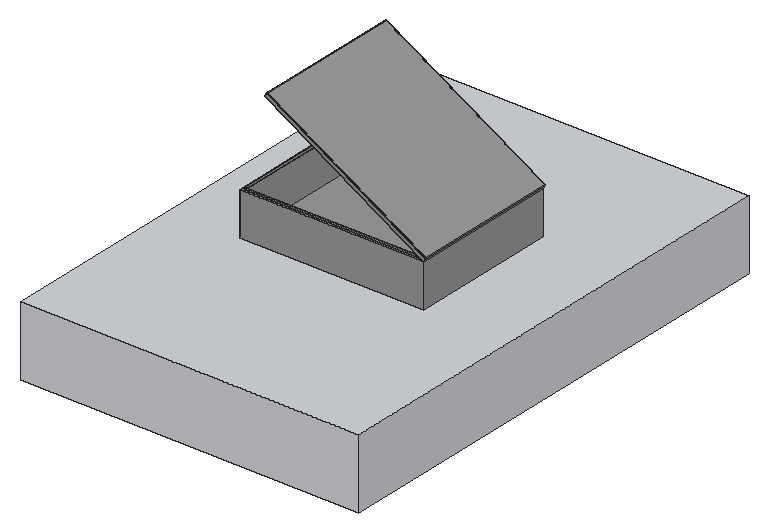
Revit family "Hager-Univers-IP44-D205-H650-Cl.II-Encl-DE-de", category Equipement électrique, Revit 2020
Family settings
  Hôte = Face
  Configuration du panneau = Deux colonnes, circuits au sein
  Cote de connecteur circulaire = Utiliser le diamètre
  Type d'élément = Tableau de raccordement
  Couper avec des vides une fois chargée = Non
  Partagée = Non
  Point de calcul de pièce = Non
Parameters (values of type "Aufputz IP44 B800 H650 T205  - FP43SN2")
  Width Control [instance] = if([EF000008 - Breite] > Min Width, [EF000008 - Breite], Min Width)  # 800 mm
  Commentaires du type = [HG000003 - Bereich]  # "Univers"
  Thickness Door [instance] = if([EF009171 - Materialstärke Tür/Deckel] > 3 mm, 3 mm, [EF009171 - Materialstärke Tür/Deckel])  # 1 mm
  Seal Frame Offset [instance] = 17 mm  # constant formula
  Plinth Visibility [instance] = [HG000027 - Sockelhöhe] > 0 mm  # no
  Model = ""
  Min Width [instance] = 100 mm  # constant formula
  Min Height [instance] = 100 mm  # constant formula
  Min Depth [instance] = (2 * [EF009170 - Materialstärke Gehäuse]) + 1 mm  # 3 mm
  Internal Frame Depth [instance] = (Door System Depth * 0.5)  # 9 mm
  Height Control [instance] = if([EF000040 - Höhe] > Min Height, [EF000040 - Höhe], Min Height)  # 650 mm
  HG000027 - Sockelhöhe = 0 mm
  HG000026 - Stehend auf dem Boden = no
  HG000024 - Höhe des unteren Teils = 800 mm
  HG000023 - Gehäuse mit doppeltem Querschnitt = no
  HG000016 - 3D-Türsichtbarkeit [instance] = yes
  HG000015 - Sichtbarkeit der Türöffnung [instance] = no
  HG000014 - Tür rechts [instance] = yes
  HG000013 - Tür links [instance] = not([HG000014 - Tür rechts])  # no
  HG000012 - Türschwenkwinkel [instance] = 30.00°
  HG000010 - Asymmetrische Türen = no
  HG000009 - Doppelflügeligen Tür = no
  HG000006 - Unterputz = no
  HG000004 - Herstellerreferenz = "FP43SN2"
  HG000003 - Bereich = "Univers"
  HG000002 - Mit tür = yes
  Frame Offset Bottom [instance] = 10 mm  # constant formula
  Frame Offset [instance] = 15 mm  # constant formula
  EF015940 - Deckel mit Überdruckentlastung = no
  EF011959 - Schutzart (NEMA) = ""
  EF009554 - Anzahl der Öffnungen für Flanschplatten = 6
  Fabricant = "Hager"  # constant formula
  EF009212 - Ausführung Deckel = "EV000116 - geschlossen"
  EF009171 - Materialstärke Tür/Deckel = 1 mm
  EF009170 - Materialstärke Gehäuse = 1 mm
  EF008873 - Nennstrom (In) = 250 A
  EF007800 - Geeignet für Blitzschutz = no
  EF006306 - Mit Schloss = no
  EF006244 - Transparenter Deckel/Tür = no
  EF005474 - Schutzart (IP) = "EV006418 - IP44"
  EF004464 - Art der Tür = "EV002646 - Einzel"
  EF004427 - Anzahl der Module = 144
  EF004293 - Schlagfestigkeit = "EV006815 - IK09"
  EF003532 - Geeignet für Außengebrauch = no
  EF002950 - Breite in Teilungseinheiten = 36
  EF001613 - Funktionserhalt = "EV000494 - ohne"
  EF001596 - Werkstoff des Gehäuses = "EV000179 - Stahl"
  EF001131 - Innentiefe = 143 mm
  EF001088 - Anbaumöglichkeit = yes
  EF000437 - Anzahl der Leitungseinführungen = 6
  EF000339 - Art der Abdeckung = "EV001012 - Deckel"
  EF000266 - Anzahl der Reihen = 4
  EF000218 - Einbautiefe = 205 mm
  EF000118 - Mit Montageplatte = no
  EF000116 - RAL-Nummer = "9010"
  EF000049 - Tiefe = 205 mm
  EF000040 - Höhe = 650 mm
  EF000008 - Breite = 800 mm
  EF000007 - Farbe = "EV000202 - weiß"
  EF000003 - Montageart = "EV000384 - Aufputz"
  Door System Leaf Tolerance [instance] = 1.5 mm  # constant formula
  Door System Depth [instance] = 18 mm  # constant formula
  Door Height [instance] = Height Control - [HG000027 - Sockelhöhe]  # 650 mm
  Depth Control [instance] = if([EF000049 - Tiefe] > Min Depth, [EF000049 - Tiefe], Min Depth)  # 205 mm
  Default Elevation = 0 mm
  Connector Offset [instance] = Height Control / 2  # 325 mm
  Bottom Top Plate Trim [instance] = 1.5 mm  # constant formula
  Plinth height Ctrl [instance] = if([HG000027 - Sockelhöhe] > 0 mm, [HG000027 - Sockelhöhe], 12 mm)  # 12 mm
Types (5, lengths in mm): name | Width Control | HG000010 - Asymmetrische Türen | HG000009 - Doppelflügeligen Tür | HG000004 - Herstellerreferenz | EF009554 - Anzahl der Öffnungen für Flanschplatten | EF004464 - Art der Tür | EF004427 - Anzahl der Module | EF002950 - Breite in Teilungseinheiten | EF000437 - Anzahl der Leitungseinführungen | EF000008 - Breite
  Aufputz IP44 B1050 H650 T205  - FP44SN2 | 1050 | no | yes | "FP44SN2" | 8 | "EV003602 - Doppel" | 192 | 48 | 8 | 1050
  Aufputz IP44 B1300 H650 T205  - FP45SN2 | 1300 | yes | yes | "FP45SN2" | 10 | "EV003602 - Doppel" | 240 | 60 | 10 | 1300
  Aufputz IP44 B300 H650 T205  - FP41SN2 | 300 | no | no | "FP41SN2" | 2 | "EV002646 - Einzel" | 48 | 12 | 2 | 300
  Aufputz IP44 B550 H650 T205  - FP42SN2 | 550 | no | no | "FP42SN2" | 4 | "EV002646 - Einzel" | 96 | 24 | 4 | 550
  Aufputz IP44 B800 H650 T205  - FP43SN2 | 800 | no | no | "FP43SN2" | 6 | "EV002646 - Einzel" | 144 | 36 | 6 | 800
Reference planes
  plane 1 "Center (Front/Back)": y = 0
  plane 2: z = 0
  plane 3 "Center (Left/Right)": x = 0
  plane 4: z = 205
  plane 5: y = 1
  plane 6: y = 325
  plane 7: y = 0
  plane 8: y = 650
  plane 9: z = 0
  plane 10: x = -385
  plane 11: x = 385
  plane 12: x = 384
  plane 13: x = -384
  plane 14: y = 649
  plane 15: x = -383
  plane 16: x = -400
  plane 17: x = 383
  plane 18: x = 400
  plane 19: x = 399
  plane 20: x = -399
  plane 21: y = 11
  plane 22: y = 650
  plane 23: y = 634
  plane 24: z = 187
  plane 25: z = 1
  plane 26: z = 186
  plane 27: z = 204
Forms (mm)
  Extrusion 1, solid
    sketch origin (0, 0, 0) x (1, 0, 0) y (0, 1, 0)
      loop
        line (-702.964, 1305) -> (-702.964, -811.445) -> (766.763, -811.445) -> (766.763, 1305) -> (-702.964, 1305)
    from 0 to -304.8
  Extrusion 2, solid, material "Hager_Steel_RAL7035_Light_Grey", visible <- "Plinth Visibility", detail levels medium+fine
    sketch origin (0, 0, 0) x (1, 0, 0) y (0, 1, 0)
      loop
        line (-400, 0) -> (400, 0) -> (400, 12) -> (-400, 12) -> (-400, 0)
    from 0 to 187
  Extrusion 3, solid, material "Hager_Steel_RAL7035_Light_Grey", detail levels medium+fine
    sketch origin (0, 0, 0) x (1, 0, 0) y (0, 1, 0)
      loop
        line (-400, 0) -> (400, 0) -> (400, 650) -> (-400, 650) -> (-400, 0)
    from 0 to 187
  Extrusion 4, void
    sketch origin (0, 0, 0) x (1, 0, 0) y (0, 1, 0)
      loop
        line (-399, 1) -> (399, 1) -> (399, 649) -> (-399, 649) -> (-399, 1)
    from 1 to 186
  Extrusion 5, void
    sketch origin (-381.607, -4572, 187) x (0, -1, 0) y (-1, 0, 0)
      loop
        line (-4583, 2.393) -> (-5206, 2.393) -> (-5206, -765.607) -> (-4583, -765.607) -> (-4583, 2.393)
    from 0 to 1 <- "EF009170 - Materialstärke Gehäuse"
  Extrusion 6, solid, material "Hager_Steel_RAL7035_Light_Grey", detail levels fine
    sketch origin (0, 0, 187) x (1, 0, 0) y (0, 1, 0)
      loop
        line (-384, 634) -> (-384, 11) -> (384, 11) -> (384, 634) -> (-384, 634)
      loop
        line (-385, 10) -> (385, 10) -> (385, 635) -> (-385, 635) -> (-385, 10)
    from 0 to 9 <- "Internal Frame Depth"
  Extrusion 7, solid, material "Hager_Steel_RAL7035_Light_Grey", detail levels coarse
    sketch origin (0, 0, 0) x (1, 0, 0) y (0, 1, 0)
      loop
        line (-400, 0) -> (400, 0) -> (400, 650) -> (-400, 650) -> (-400, 0)
    from 0 to 205
  Sweep 8, void
    path in 3D
      loop
        line (-400, 12, 0) -> (400, 12, 0) -> (400, 12, 187) -> (-400, 12, 187) -> (-400, 12, 0)
    profile origin (-400, 12, 93.5) x (-1, 0, 0) y (0, -1, 0)
      loop
        line (0, 0) -> (0, 1.5) -> (-1.5, 1.5)
        arc (-1.5, 1.5) -> (-1.061, 0.439) -> (0, 0) r 1.5
Cuts and joins
  Extrusion 4, Extrusion 5 cuts Extrusion 3
  Sweep 8 cuts Extrusion 2
Lines and regions (mm)
  Masking region 1
    outline origin (0, 0, 0) x (1, 0, 0) y (0, 0, 1)
      loop
        line (-400, 205) -> (-400, 0) -> (400, 0) -> (400, 205) -> (-400, 205)
  Masking region 2, detail levels medium+fine
    outline origin (0, 140, 0) x (0, 1, 0) y (0, 0, 1)
      loop
        line (-140, 0) -> (510, 0) -> (510, 187) -> (-140, 187) -> (-140, 0)
  Masking region 3, not visible, detail levels medium+fine
    outline origin (0, 297.922, 0) x (0, 1, 0) y (0, 0, 1)
      loop
        line (38.578, 0) -> (78.578, 0) -> (78.578, 194)
        arc (78.578, 194) -> (75.649, 201.071) -> (68.578, 204) r 10
        line (68.578, 204) -> (38.578, 204) -> (38.578, 0)
  Masking region 4, detail levels coarse
    outline origin (0, 0, 180) x (0, 1, 0) y (0, 0, 1)
      loop
        line (0, -180) -> (650, -180) -> (650, 25) -> (0, 25) -> (0, -180)
  Masking region 5, visible <- "Plinth Visibility", detail levels medium+fine
    outline origin (0, 52.24, 12.345) x (0, 0, -1) y (0, 1, 0)
      loop
        line (10.845, -40.24) -> (-173.155, -40.24)
        arc (-173.155, -40.24) -> (-173.594, -41.301) -> (-174.655, -41.74) r 1.5
        line (-174.655, -41.74) -> (-174.655, -52.24) -> (12.345, -52.24) -> (12.345, -41.74)
        arc (12.345, -41.74) -> (11.285, -41.301) -> (10.845, -40.24) r 1.5
  Masking region 6, detail levels medium+fine
    outline origin (-381.607, -4572, 187) x (-1, 0, 0) y (0, -1, 0)
      loop
        line (18.393, -5222) -> (18.393, -4572) -> (-781.607, -4572) -> (-781.607, -5222) -> (18.393, -5222)
  Masking region 7, visible <- "Plinth Visibility", detail levels medium+fine
    outline origin (-381.607, -4727, 187) x (-1, 0, 0) y (0, -1, 0)
      loop
        arc (16.893, -4739) -> (17.332, -4737.939) -> (18.393, -4737.5) r 1.5
        line (18.393, -4737.5) -> (18.393, -4727) -> (-781.607, -4727) -> (-781.607, -4737.5)
        arc (-781.607, -4737.5) -> (-780.546, -4737.939) -> (-780.107, -4739) r 1.5
        line (-780.107, -4739) -> (16.893, -4739)
  Masking region 8, detail levels coarse
    outline origin (-442.548, -4669.526, 187) x (-1, 0, 0) y (0, -1, 0)
      loop
        line (-42.548, -5319.526) -> (-42.548, -4669.526) -> (-842.548, -4669.526) -> (-842.548, -5319.526) -> (-42.548, -5319.526)
  sketch lines
    curve 1: line (-400, 12, 187) -> (-400, 12, 0)
    curve 2: line (400, 12, 187) -> (-400, 12, 187)
    curve 3: line (400, 12, 187) -> (400, 12, 0)
    curve 4: line (-400, 12, 0) -> (400, 12, 0)
Dimensions and locks
  "Depth Control": plane 4 to Extrusion 1
  "HG000027 - Sockelhöhe": plane 1 "Center (Front/Back)" to plane 7
  "EF009170 - Materialstärke Gehäuse": plane 5 to plane 7
  locked: connector elem to plane 3 "Center (Left/Right)"
  equal spacing: plane 8, plane 6, plane 7
  locked: connector elem to plane 6
  "EF009170 - Materialstärke Gehäuse": plane 8 to plane 14
  "EF009170 - Materialstärke Gehäuse": plane 10 to plane 13
  "EF009170 - Materialstärke Gehäuse": plane 12 to plane 11
  "Frame Offset": plane 20 to plane 13
  "Frame Offset": plane 12 to plane 19
  "EF009170 - Materialstärke Gehäuse": plane 16 to plane 20
  "EF009170 - Materialstärke Gehäuse": plane 19 to plane 18
  "Seal Frame Offset": plane 16 to plane 15
  "Seal Frame Offset": plane 17 to plane 18
  "Frame Offset Bottom": plane 21 to plane 5
  "Frame Offset": plane 14 to plane 23
  equal spacing: plane 16, plane 3 "Center (Left/Right)", plane 18
  "Width Control": plane 16 to plane 18
  "EF009170 - Materialstärke Gehäuse": plane 4 to plane 27
  "EF009170 - Materialstärke Gehäuse": plane 24 to plane 26
  "EF009170 - Materialstärke Gehäuse": plane 25 to level
  "Door System Depth": plane 4 to plane 24
  "Height Control": plane 1 "Center (Front/Back)" to Extrusion 7 sketch curve
  "Height Control": Masking region 4 sketch curve to plane 1 "Center (Front/Back)"
  "Height Control": plane 1 "Center (Front/Back)" to plane 22
  "Bottom Top Plate Trim": profile plane to Sweep 8 sketch curve
  "Bottom Top Plate Trim": Sweep 8 sketch curve to profile plane
  "Plinth height Ctrl": plane 1 "Center (Front/Back)" to Extrusion 2 sketch curve
  "Plinth height Ctrl": Masking region 5 sketch curve to plane 1 "Center (Front/Back)"
  "Plinth height Ctrl": plane 1 "Center (Front/Back)" to Masking region 7 sketch curve
  "Thickness Door": Extrusion 6 sketch curve to Extrusion 6 sketch curve  (x3)
  "Thickness Door": cut or joined group of Extrusion 3, Extrusion 4, Extrusion 5 to Extrusion 6 sketch curve
  radius of Masking region 3 sketch curve = 10 mm
  "Bottom Top Plate Trim": radius of Masking region 5 sketch curve  (x2)
  "Bottom Top Plate Trim": radius of Sweep 8 sketch curve
  "Bottom Top Plate Trim": radius of Masking region 7 sketch curve  (x2)
  aligned and locked: plane 2 to Extrusion 1
  aligned and locked: level to Extrusion 1
  aligned and locked: level to Masking region 1 sketch curve
  aligned and locked: Masking region 1 sketch curve to plane 18
  aligned and locked: Masking region 1 sketch curve to plane 16
  aligned and locked: plane 7 to Masking region 2 sketch curve
  aligned and locked: level to Masking region 3 sketch curve
  aligned and locked: Masking region 3 sketch curve to plane 27
  aligned and locked: level to Masking region 2 sketch curve
  aligned and locked: plane 1 "Center (Front/Back)" to Extrusion 2 sketch curve
  aligned and locked: Extrusion 3 sketch curve to plane 7
  aligned and locked: plane 16 to Extrusion 3 sketch curve
  aligned and locked: plane 18 to Extrusion 3 sketch curve
  aligned and locked: plane 20 to Extrusion 4 sketch curve
  aligned and locked: plane 19 to Extrusion 4 sketch curve
  aligned and locked: Extrusion 4 sketch curve to plane 5
  aligned and locked: Extrusion 4 to plane 25
  aligned and locked: plane 26 to Extrusion 4
  aligned and locked: plane 24 to Extrusion 3
  aligned and locked: Extrusion 5 sketch curve to plane 21
  aligned and locked: Extrusion 5 sketch curve to plane 13
  aligned and locked: Extrusion 5 sketch curve to plane 12
  aligned and locked: plane 18 to Extrusion 7 sketch curve
  aligned and locked: plane 1 "Center (Front/Back)" to Extrusion 7 sketch curve
  aligned and locked: plane 16 to Extrusion 7 sketch curve
  aligned and locked: plane 4 to Extrusion 7
  aligned and locked: Extrusion 7 to level
  aligned and locked: level to Masking region 4 sketch curve
  aligned and locked: Masking region 4 sketch curve to plane 1 "Center (Front/Back)"
  aligned and locked: Masking region 4 sketch curve to plane 4
  aligned and locked: nested 1 to level
  aligned and locked: nested 1 to plane 16
  aligned and locked: plane 8 to Extrusion 3 sketch curve
  aligned and locked: plane 23 to Extrusion 5 sketch curve
  aligned and locked: plane 14 to Extrusion 4 sketch curve
  aligned and locked: Masking region 2 sketch curve to plane 8
  aligned and locked: level to Masking region 5 sketch curve
  aligned and locked: plane 16 to Extrusion 2 sketch curve
  aligned and locked: plane 18 to Extrusion 2 sketch curve
  aligned and locked: Masking region 5 sketch curve to plane 24
  aligned and locked: Masking region 2 sketch curve to plane 24
  aligned and locked: plane 24 to Extrusion 2
  aligned and locked: profile plane to Sweep 8 sketch curve  (x2)
  aligned and locked: Masking region 6 sketch curve to plane 18
  aligned and locked: Masking region 6 sketch curve to plane 22
  aligned and locked: Masking region 6 sketch curve to plane 16
  aligned and locked: plane 8 to plane 22
  aligned and locked: Masking region 6 sketch curve to plane 7
  aligned and locked: Masking region 7 sketch curve to plane 16
  aligned and locked: Masking region 7 sketch curve to plane 1 "Center (Front/Back)"
  aligned and locked: Masking region 7 sketch curve to plane 18
  aligned and locked: Masking region 8 sketch curve to plane 1 "Center (Front/Back)"
  aligned and locked: Masking region 8 sketch curve to plane 18
  aligned and locked: Masking region 8 sketch curve to plane 22
  aligned and locked: Masking region 8 sketch curve to plane 16
  aligned and locked: nested 2 to plane 7
  aligned and locked: plane 3 "Center (Left/Right)" to nested 2
  aligned and locked: nested 2 to plane 24
  aligned and locked: Extrusion 6 sketch curve to cut or joined group of Extrusion 3, Extrusion 4, Extrusion 5  (x4)
Automatic sketch dimensions
  Extrusion 1 sketch curve to Extrusion 1 sketch curve = 1469.727 mm
  Extrusion 1 sketch curve to Extrusion 1 sketch curve = 2116.445 mm
  Masking region 1 sketch curve to plane 4 = 0 mm
  plane 6 to Masking region 3 sketch curve = 11.5 mm
  Masking region 3 sketch curve to Masking region 3 sketch curve = 30 mm
  Masking region 5 sketch curve to plane 1 "Center (Front/Back)" = 0 mm
Nested families
  nested 1: "Hager_Enclosure_Symbol" at (-400, 0, 0) x (1, 0, 0) z (0, -1, 0), Height <- "Depth Control", Width <- "Width Control", type "Hager_Enclosure_Symbol"
    with Width_Ctrl 800 mm, Width 800 mm, Height_Ctrl 205 mm, Height 205 mm, A_Width_Int 13.453 mm, A_Width 161.438 mm, A_Height_Ctrl 179.375 mm, A_Height 179.375 mm
  nested 2: "EC000058_Univers_Door" at (0, 0, 187) x (1, 0, 0) z (0, 1, 0), Leaf_Tolerance <- "Door System Leaf Tolerance", Angle <- "HG000012 - Türschwenkwinkel", Door_Depth <- "Door System Depth", Door_Left <- "HG000013 - Tür links", Transparent <- "EF006244 - Transparenter Deckel/Tür", Assymetrical <- "HG000010 - Asymmetrische Türen", Width <- "Width Control", Clearance <- "HG000015 - Sichtbarkeit der Türöffnung", Double <- "HG000009 - Doppelflügeligen Tür", 3d_Door <- "HG000016 - 3D-Türsichtbarkeit", Lock_Visibility <- "EF006306 - Mit Schloss", Width_Ctrl <- "Width Control", Door_Right <- "HG000014 - Tür rechts", Door <- "HG000002 - Mit tür", Height <- "Door Height", Thickness <- "Thickness Door", type "EC000058_Univers_Door", detail levels medium+fine
    with min_wh 3 mm, Width_Ctrl 800 mm, Width 800 mm, Transparent no, Thickness 1 mm, Seal_Material Hager_Rubber, Lock_Visibility no, Lock_Material Hager_Plastic_RAL9005_Jet_Black, Leaf_Width 800 mm, Leaf_Tolerance_External_Sides 0 mm, Leaf_Tolerance 1.5 mm, Leaf_Offset 0 mm, Leaf_Height 647 mm, Leaf_2_Width 800 mm, Leaf_2_Offset 400 mm, Leaf_1_Width 800 mm, Leaf_1_Offset 400 mm, Height_Ctrl 650 mm, Height 650 mm, Glass_Material Hager_Glass, Double_Clearance_Ctrl no, Double no, Door_Right_Ctrl yes, Door_Right yes, Door_Material Hager_Steel_RAL7035_Light_Grey, Door_Left_Ctrl no, Door_Left no, Door_Depth 18 mm, Door yes, Clearance_Material Hager_Clearance, Clearance_Depth 800 mm, Clearance_Ctrl no, Clearance no, Assymetrical no, Angle 30.00°, 3d_Door yes
Connectors
  electrical at (0, 325, 0)
    settings: on plane 9, index 1, voltage 0 V, apparent load 0 VA, apparent load phase1 0 VA, apparent load phase2 0 VA, apparent load phase3 0 VA, power factor 1, load classification "Other", number of poles 1, system type 30, power factor state 1, is connector primary yes, connector utility no, sub classification motor no, connector description ""
Definition of nested family "EC000058_Univers_Door"
  Parameters (values of type "EC000058_Univers_Door")
    min_wh [instance] = (2 * Thickness) + 1 mm  # 11 mm
    Width_Ctrl [instance] = 400 mm
    Width [instance] = 500 mm
    Transparent [instance] = yes
    Thickness [instance] = 5 mm
    Seal_Material [instance] = none
    Lock_Visibility [instance] = yes
    Lock_Material [instance] = none
    Leaf_Width [instance] = if((Width_Ctrl - 2 * Leaf_Tolerance_External_Sides) > 0 mm, (Width_Ctrl - 2 * Leaf_Tolerance_External_Sides), min_wh)  # 400 mm
    Leaf_Tolerance_External_Sides [instance] = 0 mm  # constant formula
    Leaf_Tolerance [instance] = 1.5 mm
    Leaf_Offset [instance] = 0 mm  # constant formula
    Leaf_Height [instance] = if((Height_Ctrl - 2 * Leaf_Tolerance) > 0 mm, (Height_Ctrl - 2 * Leaf_Tolerance), min_wh)  # 497 mm
    Leaf_2_Width [instance] = if(and(and(Double, Assymetrical), Door_Left), (Leaf_Width / 3) - (Leaf_Tolerance / 2), if(and(and(Double, Assymetrical), Door_Right), (Leaf_Width / 3) * 2 - (Leaf_Tolerance / 2), if(and(Double, not(Assymetrical)), (Leaf_Width / 2) - Leaf_Tolerance, Leaf_Width)))  # 400 mm
    Leaf_2_Offset [instance] = if(and(Double, Assymetrical), Leaf_2_Width / 2, if(and(Double, not(Assymetrical)), Leaf_Width / 4, Leaf_Width / 2))  # 200 mm
    Leaf_1_Width [instance] = if(and(and(Double, Assymetrical), Door_Right), (Leaf_Width / 3) - (Leaf_Tolerance / 2), if(and(and(Double, Assymetrical), Door_Left), (Width / 3) * 2 - (Leaf_Tolerance / 2), if(and(Double, not(Assymetrical)), (Leaf_Width / 2) - Leaf_Tolerance, Leaf_Width)))  # 400 mm
    Leaf_1_Offset [instance] = if(and(Double, Assymetrical), Leaf_1_Width / 2, if(and(Double, not(Assymetrical)), Leaf_Width / 4, Leaf_Width / 2))  # 200 mm
    Height_Ctrl [instance] = if(Height > min_wh, Height, min_wh)  # 500 mm
    Height [instance] = 500 mm
    Glass_Material [instance] = none
    Double_Clearance_Ctrl [instance] = and(Double, Clearance)  # no
    Double [instance] = no
    Door_Right_Ctrl [instance] = and(or(Door_Right, Double), Door)  # yes
    Door_Right [instance] = yes
    Door_Material [instance] = none
    Door_Left_Ctrl [instance] = and(or(Door_Left, Double), Door)  # no
    Door_Left [instance] = no
    Door_Depth [instance] = 30 mm
    Door [instance] = yes
    Default Elevation = 1219.2 mm
    Clearance_Material [instance] = none
    Clearance_Depth [instance] = if(Leaf_1_Width > Leaf_2_Width, Leaf_1_Width, Leaf_2_Width)  # 400 mm
    Clearance_Ctrl [instance] = and(not(Double), Clearance)  # yes
    Clearance [instance] = yes
    Assymetrical [instance] = yes
    Angle [instance] = 30.00°
    3d_Door [instance] = yes
  Reference planes
    plane 1 "Center (Front/Back)": y = 0
    plane 2 "Bottom": z = 0
    plane 3 "Center (Left/Right)": x = 0
    plane 4: z = 500
    plane 5: x = -200
    plane 6: x = 200
    plane 7: z = 500
    plane 8: x = -200
    plane 9: z = 0
    plane 10: x = 200
    plane 11: y = 0
    plane 12: z = 1.5
    plane 13: x = -600
    plane 14: y = -400
    plane 15: x = 600
    plane 16: x = 0
    plane 17: x = 0
    plane 18: x = -200
    plane 19: x = 200
    plane 20: z = 498.5
  Forms (mm)
    Extrusion 1, solid, material <- "Clearance_Material", visible <- "Double_Clearance_Ctrl"
      sketch origin (1200, 0, 0) x (1, 0, 0) y (0, 0, -1)
        loop
          line (-1800, -498.5) -> (-600, -498.5) -> (-600, 0) -> (-1800, 0) -> (-1800, -498.5)
      from 0 to -400
  Dimensions and locks
    equal spacing: plane 5, plane 3 "Center (Left/Right)", plane 6
    "Width_Ctrl": plane 5 to plane 6
    "Leaf_Offset": plane 5 to plane 8
    "Leaf_Offset": plane 6 to plane 10
    "Leaf_Offset": plane 9 to level
    "Leaf_Offset": plane 4 to plane 7
    "Height_Ctrl": plane 4 to level
    "Leaf_Tolerance": plane 12 to plane 9
    locked: plane 11 to plane 1 "Center (Front/Back)"
    "Leaf_1_Offset": plane 18 to plane 16
    "Leaf_2_Offset": plane 17 to plane 19
    "Leaf_1_Width": plane 13 to plane 8
    "Leaf_2_Width": plane 10 to plane 15
    "Clearance_Depth": plane 14 to plane 1 "Center (Front/Back)"
    "Leaf_Tolerance_External_Sides": plane 8 to plane 18
    "Leaf_Tolerance_External_Sides": plane 19 to plane 10
    "Leaf_Tolerance": plane 7 to plane 20
    aligned and locked: level to plane 2 "Bottom"
    aligned and locked: nested 1 to plane 16
    aligned and locked: nested 2 to plane 17
    aligned and locked: Extrusion 1 to plane 13
    aligned and locked: plane 15 to Extrusion 1
    aligned and locked: Extrusion 1 to plane 14
    aligned and locked: plane 12 to nested 1
    aligned and locked: nested 2 to plane 12
    aligned and locked: Extrusion 1 to plane 11
    aligned and locked: plane 20 to Extrusion 1
    aligned and locked: nested 2 to plane 11
    aligned and locked: nested 1 to plane 11
  Automatic sketch dimensions
    Extrusion 1 sketch curve to level = 0 mm
    plane 5 to Extrusion 1 sketch curve = 400 mm
    plane 6 to Extrusion 1 sketch curve = 400 mm
    Extrusion 1 sketch curve to plane 4 = 1.5 mm
  Nested families
    nested 1: "EC000058_Univers_Door_Leaf" at (0, 0, 1.5), Width <- "Leaf_1_Width", visible <- "Door_Left_Ctrl", Leaf_Height <- "Leaf_Height", Angle <- "Angle", 3d_Door <- "3d_Door", Transparent <- "Transparent", Clearance Material <- "Clearance_Material", Clearance <- "Clearance_Ctrl", Door_Material <- "Door_Material", Glass_Material <- "Glass_Material", Door_Depth <- "Door_Depth", Lock_Material <- "Lock_Material", Seal_Material <- "Seal_Material", Lock_Visibility <- "Lock_Visibility", Thickness <- "Thickness", type "EC000058_Univers_Door_Leaf"
      with Width 400 mm, Transparent_Glass_Offset 30 mm, Transparent_Ctrl yes, Transparent yes, Thickness 5 mm, Standard no, Seal_Material none, Seal_D2 8 mm, Seal_D1 1 mm, Offset_Internal_Frame 10 mm, Lock_Width 20 mm, Lock_Visibility_3d yes, Lock_Visibility yes, Lock_Thickness_3 3 mm, Lock_Thickness_2 1 mm, Lock_Thickness_1 3 mm, Lock_Radius_Offset_2 16 mm, Lock_Radius_Offset_1 15 mm, Lock_Radius_2 5 mm, Lock_Radius 6 mm, Lock_Offset 5 mm, Lock_Material none, Lock_Height 80 mm, Lock_Cover_Top_Offset_2d 17 mm, Lock_Cover_Height -65 mm, Leaf_Height 497 mm, Internal_Seal_Thickness 8 mm, Internal_Seal_Depth_2 4.5 mm, Internal_Frame_Depth 25 mm, Glass_Thickness -1 mm, Glass_Offset -2 mm, Glass_Material none, Door_Material none, Door_Depth 30 mm, Clearance Material none, Clearance yes, Angle_Ctrl 30.00°, Angle 30.00°, 3d_Door yes
    nested 2: "EC000058_Univers_Door_Leaf" at (0, 0, 1.5) x (-1, 0, 0) z (0, 0, 1), Width <- "Leaf_2_Width", visible <- "Door_Right_Ctrl", Leaf_Height <- "Leaf_Height", Angle <- "Angle", 3d_Door <- "3d_Door", Transparent <- "Transparent", Clearance Material <- "Clearance_Material", Clearance <- "Clearance_Ctrl", Door_Material <- "Door_Material", Glass_Material <- "Glass_Material", Door_Depth <- "Door_Depth", Lock_Material <- "Lock_Material", Seal_Material <- "Seal_Material", Lock_Visibility <- "Lock_Visibility", Thickness <- "Thickness", type "EC000058_Univers_Door_Leaf"
      with Width 400 mm, Transparent_Glass_Offset 30 mm, Transparent_Ctrl yes, Transparent yes, Thickness 5 mm, Standard no, Seal_Material none, Seal_D2 8 mm, Seal_D1 1 mm, Offset_Internal_Frame 10 mm, Lock_Width 20 mm, Lock_Visibility_3d yes, Lock_Visibility yes, Lock_Thickness_3 3 mm, Lock_Thickness_2 1 mm, Lock_Thickness_1 3 mm, Lock_Radius_Offset_2 16 mm, Lock_Radius_Offset_1 15 mm, Lock_Radius_2 5 mm, Lock_Radius 6 mm, Lock_Offset 5 mm, Lock_Material none, Lock_Height 80 mm, Lock_Cover_Top_Offset_2d 17 mm, Lock_Cover_Height -65 mm, Leaf_Height 497 mm, Internal_Seal_Thickness 8 mm, Internal_Seal_Depth_2 4.5 mm, Internal_Frame_Depth 25 mm, Glass_Thickness -1 mm, Glass_Offset -2 mm, Glass_Material none, Door_Material none, Door_Depth 30 mm, Clearance Material none, Clearance yes, Angle_Ctrl 30.00°, Angle 30.00°, 3d_Door yes
  Definition of nested family "EC000058_Univers_Door_Leaf"
    Parameters (values of type "EC000058_Univers_Door_Leaf")
      Width [instance] = 2000 mm
      Transparent_Glass_Offset [instance] = 30 mm
      Transparent_Ctrl [instance] = and(Transparent, [3d_Door])  # yes
      Transparent [instance] = yes
      Thickness [instance] = 5 mm
      Standard [instance] = and(not(Transparent), [3d_Door])  # no
      Seal_Material [instance] = none
      Seal_D2 [instance] = 8 mm  # constant formula
      Seal_D1 [instance] = 1 mm  # constant formula
      Offset_Internal_Frame [instance] = 10 mm  # constant formula
      Lock_Width [instance] = 20 mm  # constant formula
      Lock_Visibility_3d [instance] = and(Lock_Visibility, [3d_Door])  # yes
      Lock_Visibility [instance] = yes
      Lock_Thickness_3 [instance] = 3 mm  # constant formula
      Lock_Thickness_2 [instance] = 1 mm  # constant formula
      Lock_Thickness_1 [instance] = 3 mm  # constant formula
      Lock_Radius_Offset_2 [instance] = Lock_Radius_Offset_1 + 1 mm  # 16 mm
      Lock_Radius_Offset_1 [instance] = 15 mm  # constant formula
      Lock_Radius_2 [instance] = Lock_Radius - 1 mm  # 5 mm
      Lock_Radius [instance] = 6 mm  # constant formula
      Lock_Offset [instance] = 5 mm  # constant formula
      Lock_Material [instance] = none
      Lock_Height [instance] = 80 mm  # constant formula
      Lock_Cover_Top_Offset_2d [instance] = Lock_Radius_Offset_2 + 1 mm  # 17 mm
      Lock_Cover_Height [instance] = -(Lock_Height - Lock_Radius_Offset_1)  # -65 mm
      Leaf_Height [instance] = 2720.336 mm
      Internal_Seal_Thickness [instance] = 8 mm  # constant formula
      Internal_Seal_Depth_2 [instance] = 4.5 mm  # constant formula
      Internal_Frame_Depth [instance] = if(Door_Depth - Thickness > 5 mm, Door_Depth - Thickness, 5 mm)  # 25 mm
      Glass_Thickness [instance] = if(Thickness > 15 mm, Glass_Offset + 10 mm, -1 mm)  # -1 mm
      Glass_Offset [instance] = if(Thickness > 15 mm, -(Thickness + 10 mm) / 2, -2 mm)  # -2 mm
      Glass_Material [instance] = none
      Door_Material [instance] = none
      Door_Depth [instance] = 30 mm
      Default Elevation = 0 mm
      Clearance Material [instance] = none
      Clearance [instance] = yes
      Angle_Ctrl [instance] = if(Angle > 180.00°, 180.00°, Angle)  # 90.00°
      Angle [instance] = 90.00°
      3d_Door [instance] = yes
    Reference planes
      plane 1 "Center (Front/Back)": y = 0
      plane 2: z = 0
      plane 3 "Center (Left/Right)": x = 0
      plane 4: y = 2000
      plane 5: x = -1000
      plane 6: x = 1000
      plane 7: x = -3000
      plane 8: z = 2720.336
      plane 9: z = 30
      plane 10: z = 2690.336
      plane 11: x = 970
      plane 12: x = -970
      plane 13: y = -3
      plane 14: z = 107.833
      plane 15: y = -5
      plane 16: y = -223.314
      plane 17: x = -1000
      plane 18: z = 1360.168
      plane 19: y = 30
    Forms (mm)
      Extrusion 1, solid, material <- "Clearance Material", visible <- "Clearance"
        sketch origin (0, 0, 0) x (1, 0, 0) y (0, 0, 1)
          loop
            line (-3000, 2720.336) -> (-3000, 0) -> (1000, 0) -> (1000, 2720.336) -> (-3000, 2720.336)
        from 0 to -2000
      Extrusion 2, solid, material <- "Door_Material", visible <- "Standard", detail levels medium+fine
        sketch origin (-1000, 0, 0) x (0, 1, 0) y (-1, 0, 0)
          loop
            line (0, 30) -> (0, 25) -> (2000, 25) -> (2000, 30) -> (0, 30)
        from 0 to 2720.336 <- "Leaf_Height"
      Extrusion 3, solid, material <- "Door_Material", visible <- "Transparent_Ctrl", detail levels medium+fine
        sketch origin (-1000, 0, 0) x (0, 1, 0) y (-1, 0, 0)
          loop
            line (0, 25) -> (2000, 25) -> (2000, 30) -> (0, 30) -> (0, 25)
        from 0 to 2720.336 <- "Leaf_Height"
      Extrusion 4, void
        sketch origin (-1025, 2000, 0) x (0, 1, 0) y (0, 0, -1)
          loop
            line (-30, -2690.336) -> (-30, -30) -> (-1970, -30) -> (-1970, -2690.336) -> (-30, -2690.336)
        from 0 to 5 <- "Thickness"
      Sweep 5, solid, material <- "Seal_Material", visible <- "Transparent_Ctrl", detail levels fine
        path in 3D
          loop
            line (-1025, 30, 30) -> (-1025, 30, 2690.336) -> (-1025, 1970, 2690.336) -> (-1025, 1970, 30) -> (-1025, 30, 30)
        profile origin (-1025, 1000, 30) x (1, 0, 0) y (0, 0, 1)
          loop
            line (0, 0) -> (0, -8) -> (1, -8) -> (1, 0) -> (0, 0)
      Extrusion 6, solid, material <- "Glass_Material", visible <- "Transparent_Ctrl", detail levels medium+fine
        sketch origin (-1030, 0, 0) x (0, 1, 0) y (0, 0, -1)
          loop
            line (1970, -2690.336) -> (1970, -30) -> (30, -30) -> (30, -2690.336) -> (1970, -2690.336)
        from -2 <- "Glass_Offset" to -1 <- "Glass_Thickness"
      Extrusion 7, solid, material <- "Door_Material", visible <- "3d_Door", detail levels medium+fine
        sketch origin (-1025, 2000, 0) x (0, -1, 0) y (0, 0, -1)
          loop
            line (0, -2720.336) -> (2000, -2720.336) -> (2000, 0) -> (0, 0) -> (0, -2720.336)
          loop
            line (1995, -5) -> (5, -5) -> (5, -2715.336) -> (1995, -2715.336) -> (1995, -5)
        from 0 to 25 <- "Internal_Frame_Depth"
      Sweep 8, solid, material <- "Seal_Material", visible <- "Transparent_Ctrl", detail levels fine
        path in 3D
          loop
            line (-1025, 0, 0) -> (-1025, 2000, 0) -> (-1025, 2000, 2720.336) -> (-1025, 0, 2720.336) -> (-1025, 0, 0)
        profile origin (-1025, 0, 1360.168) x (1, 0, 0) y (0, 1, 0)
          loop
            line (0, 10) -> (2.975, 10)
            arc (2.975, 10) -> (4.053, 10.447) -> (4.5, 11.525) r 1.525
            line (4.5, 11.525) -> (4.5, 16.527)
            arc (4.5, 16.527) -> (4.069, 17.569) -> (3.027, 18) r 1.473
            line (3.027, 18) -> (0, 18) -> (0, 10)
      Extrusion 9, solid, material <- "Lock_Material", visible <- "Lock_Visibility_3d", detail levels fine
        sketch origin (-1030, 0, 0) x (0, 1, 0) y (0, 0, -1)
          loop
            arc (1993.5, -1400.168) -> (1994.561, -1399.729) -> (1995, -1398.668) r 1.5
            line (1995, -1398.668) -> (1995, -1320.168) -> (1975, -1320.168) -> (1975, -1398.668)
            arc (1975, -1398.668) -> (1975.439, -1399.729) -> (1976.5, -1400.168) r 1.5
            line (1976.5, -1400.168) -> (1993.5, -1400.168)
        from 3 <- "Lock_Thickness_1" to 0
      Blend 10, solid, material <- "Lock_Material", visible <- "Lock_Visibility_3d", detail levels fine
        base sketch origin (-1033, 0, 0) x (0, 1, 0) y (0, 0, -1)
          loop
            line (1975, -1320.168) -> (1975, -1398.668)
            arc (1975, -1398.668) -> (1975.439, -1399.729) -> (1976.5, -1400.168) r 1.5
            line (1976.5, -1400.168) -> (1993.5, -1400.168)
            arc (1993.5, -1400.168) -> (1994.561, -1399.729) -> (1995, -1398.668) r 1.5
            line (1995, -1398.668) -> (1995, -1320.168) -> (1975, -1320.168)
        top sketch origin (-1033, 0, 0) x (0, 1, 0) y (0, 0, -1)
          loop
            line (1976, -1320.168) -> (1976, -1398.668)
            arc (1976, -1398.668) -> (1976.146, -1399.022) -> (1976.5, -1399.168) r 0.5
            line (1976.5, -1399.168) -> (1993.5, -1399.168)
            arc (1993.5, -1399.168) -> (1993.854, -1399.022) -> (1994, -1398.668) r 0.5
            line (1994, -1398.668) -> (1994, -1320.168) -> (1976, -1320.168)
        from 0 to 1 <- "Lock_Thickness_2"
      Blend 11, solid, material <- "Lock_Material", visible <- "Lock_Visibility_3d", detail levels fine
        base sketch origin (-1034, 0, 0) x (0, 1, 0) y (0, 0, -1)
          loop
            line (1978, -1320.168) -> (1978, -1384.168)
            arc (1978, -1384.168) -> (1985, -1391.168) -> (1992, -1384.168) r 7
            line (1992, -1384.168) -> (1992, -1320.168) -> (1978, -1320.168)
        top sketch origin (-1034, 0, 0) x (0, 1, 0) y (0, 0, -1)
          loop
            line (1991, -1320.168) -> (1979, -1320.168) -> (1979, -1383.168)
            arc (1979, -1383.168) -> (1985, -1389.168) -> (1991, -1383.168) r 6
            line (1991, -1383.168) -> (1991, -1320.168)
        from 0 to 3 <- "Lock_Thickness_3"
      Extrusion 12, solid, material <- "Lock_Material", visible <- "Lock_Visibility_3d", detail levels fine
        sketch origin (-1030, 1975, 1320.168) x (1, 0, 0) y (0, -1, 0)
          loop
            line (-7, -19) -> (-7, -1) -> (0, -1) -> (0, 0) -> (-8, 0) -> (-8, -20) -> (0, -20) -> (0, -19) -> (-7, -19)
        from 0 to -65 <- "Lock_Cover_Height"
      Extrusion 13, void
        sketch origin (-1038, 1995, 1320.168) x (-1, 0, 0) y (0, 0, -1)
          loop
            line (-5, -65) -> (0, -65) -> (-5, -60) -> (-5, -65)
        from 0 to 20 <- "Lock_Width"
      Extrusion 14, void
        sketch origin (-1038, 1975, 1320.168) x (0, -1, 0) y (0, 0, -1)
          loop
            circle (-10, -15.995) r 6
          loop
            circle (-10, -15.995) r 5
        from 0 to 2
      Extrusion 15, solid, material <- "Lock_Material", visible <- "Lock_Visibility_3d", detail levels medium
        sketch origin (-1030, 0, 0) x (0, 1, 0) y (0, 0, -1)
          loop
            arc (1993.5, -1400.168) -> (1994.561, -1399.729) -> (1995, -1398.668) r 1.5
            line (1995, -1398.668) -> (1995, -1320.168) -> (1975, -1320.168) -> (1975, -1398.668)
            arc (1975, -1398.668) -> (1975.439, -1399.729) -> (1976.5, -1400.168) r 1.5
            line (1976.5, -1400.168) -> (1993.5, -1400.168)
        from 8 to 0
    Cuts and joins
      Extrusion 4 cuts Extrusion 3
      Extrusion 13, Extrusion 14 cuts Extrusion 9
      Extrusion 14 cuts Blend 11
      Extrusion 13, Extrusion 14 cuts Extrusion 12
      joined: Extrusion 9, Blend 10, Blend 11, Extrusion 12
      Extrusion 14 cuts Extrusion 15
    Lines and regions (mm)
      Masking region 1, visible <- "Lock_Visibility", detail levels fine
        outline origin (0, 0, 0) x (0, 1, 0) y (0, 0, 1)
          loop
            line (30, 1320.168) -> (33, 1320.168) -> (33, 1400.168) -> (30, 1400.168) -> (30, 1320.168)
      Masking region 2, visible <- "Lock_Visibility", detail levels fine
        outline origin (0, 3.143, 0) x (0, 1, 0) y (0, 0, 1)
          loop
            line (29.857, 1354.168) -> (30.857, 1354.168) -> (30.857, 1366.168) -> (29.857, 1366.168) -> (29.857, 1354.168)
      Masking region 3, detail levels medium+fine
        outline origin (0, 0, 0) x (0, 1, 0) y (0, 0, 1)
          loop
            line (0, 0) -> (30, 0) -> (30, 2720.336) -> (0, 2720.336) -> (0, 0)
      Masking region 4, detail levels medium+fine
        outline origin (0, 0, 0) x (1, 0, 0) y (0, 0, 1)
          loop
            line (-1000, 2720.336) -> (-1000, 0) -> (1000, 0) -> (1000, 2720.336) -> (-1000, 2720.336)
      Masking region 5, visible <- "Lock_Visibility", detail levels fine
        outline origin (-47.116, 0, 0) x (1, 0, 0) y (0, 0, 1)
          loop
            arc (1024.616, 1399.168) -> (1023.556, 1398.729) -> (1023.116, 1397.668) r 1.5
            line (1023.116, 1397.668) -> (1023.116, 1320.168) -> (1041.116, 1320.168) -> (1041.116, 1397.668)
            arc (1041.116, 1397.668) -> (1040.677, 1398.729) -> (1039.616, 1399.168) r 1.5
            line (1039.616, 1399.168) -> (1024.616, 1399.168)
      Masking region 6, visible <- "Lock_Visibility", detail levels medium+fine
        outline origin (-25, 0, 0) x (1, 0, 0) y (0, 0, 1)
          loop
            arc (1001.5, 1400.168) -> (1000.439, 1399.729) -> (1000, 1398.668) r 1.5
            line (1000, 1398.668) -> (1000, 1320.168) -> (1020, 1320.168) -> (1020, 1398.668)
            arc (1020, 1398.668) -> (1019.561, 1399.729) -> (1018.5, 1400.168) r 1.5
            line (1018.5, 1400.168) -> (1001.5, 1400.168)
      Masking region 7, visible <- "Lock_Visibility", detail levels fine
        outline origin (-73.735, 0, 0) x (1, 0, 0) y (0, 0, 1)
          loop
            line (1051.735, 1382.168) -> (1065.735, 1382.168) -> (1065.735, 1384.168)
            arc (1065.735, 1384.168) -> (1058.735, 1391.168) -> (1051.735, 1384.168) r 7
            line (1051.735, 1384.168) -> (1051.735, 1382.168)
      Masking region 8, visible <- "Lock_Visibility", detail levels fine
        outline origin (-73.735, 0, 0) x (1, 0, 0) y (0, 0, 1)
          loop
            line (1052.735, 1382.168) -> (1064.735, 1382.168) -> (1064.735, 1383.168)
            arc (1064.735, 1383.168) -> (1058.735, 1389.168) -> (1052.735, 1383.168) r 6
            line (1052.735, 1383.168) -> (1052.735, 1382.168)
      Masking region 9, visible <- "Lock_Visibility", detail levels fine
        outline origin (-25, 0, 0) x (1, 0, 0) y (0, 0, 1)
          loop
            line (1020, 1320.168) -> (1020, 1382.168) -> (1000, 1382.168) -> (1000, 1320.168) -> (1020, 1320.168)
      Masking region 10, detail levels medium+fine
        outline origin (0, 0, 0) x (1, 0, 0) y (0, 0, 1)
          loop
            circle (985, 1335.144) r 6
      Masking region 11, detail levels fine
        outline origin (0, 0, 0) x (1, 0, 0) y (0, 0, 1)
          loop
            circle (985, 1335.144) r 5
      Masking region 12, visible <- "Lock_Visibility", detail levels fine
        outline origin (0, 12.767, 0) x (0, 1, 0) y (0, 0, 1)
          loop
            line (20.233, 1320.168) -> (21.233, 1320.168) -> (21.233, 1399.168) -> (20.233, 1400.168) -> (20.233, 1320.168)
      Masking region 13, visible <- "Lock_Visibility", detail levels fine
        outline origin (0, 13.767, -10) x (0, 1, 0) y (0, 0, 1)
          loop
            line (20.233, 1330.168) -> (23.233, 1330.168) -> (23.233, 1399.168) -> (20.233, 1402.168) -> (20.233, 1330.168)
      Masking region 14, visible <- "Lock_Visibility", detail levels fine
        outline origin (0, 12.767, -10) x (0, 1, 0) y (0, 0, 1)
          loop
            line (20.233, 1330.168) -> (25.233, 1330.168) -> (25.233, 1399.305) -> (20.233, 1394.305) -> (20.233, 1330.168)
      Masking region 15, visible <- "Lock_Visibility", detail levels medium
        outline origin (0, 0, 0) x (0, 1, 0) y (0, 0, 1)
          loop
            line (30, 1320.168) -> (38, 1320.168) -> (38, 1400.168) -> (30, 1400.168) -> (30, 1320.168)
      Masking region 16, visible <- "Lock_Visibility", detail levels fine
        outline origin (-1000, 0, 0) x (0, 1, 0) y (-1, 0, 0)
          loop
            line (1975, 30) -> (1995, 30) -> (1995, 38) -> (1975, 38) -> (1975, 30)
          loop
            line (1979, 37) -> (1976, 37) -> (1976, 34) -> (1978, 34) -> (1979, 37)
          loop
            line (1994, 37) -> (1991, 37) -> (1992, 34) -> (1994, 34) -> (1994, 37)
      Masking region 17, visible <- "Lock_Visibility", detail levels medium
        outline origin (-1000, 0, 0) x (0, 1, 0) y (-1, 0, 0)
          loop
            line (1975, 30) -> (1995, 30) -> (1995, 38) -> (1975, 38) -> (1975, 30)
      symbolic lines
        curve 1: line (1000, 0, 0) -> (-3000, 0, 0)
        curve 2: arc (1000, 0, 0) -> (-1000, 2000, 0) -> (-3000, 0, 0) r 2000
        curve 4: line (-1030, 0, 0) -> (-1030, 2000, 0)
      reference lines
        curve 3: line (-1000, 0, 0) -> (-1000, 2000, 0)
      symbolic lines, detail levels medium+fine
        curve 5: line (-1030, 2000, 0) -> (-1025, 2000, 0)
        curve 7: line (-1025, 0, 0) -> (-1030, 0, 0)
        curve 8: line (-1025, 0, 0) -> (-1000, 0, 0)
        curve 9: line (-1000, 0, 0) -> (-1000, 2000, 0)
        curve 10: line (-1000, 2000, 0) -> (-1025, 2000, 0)
      symbolic lines, detail levels fine
        curve 6: line (-1025, 2000, 0) -> (-1025, 0, 0)
      sketch lines
        curve 11: line (-1025, 0, 2720.336) -> (-1025, 0, 0)
        curve 12: line (-1025, 2000, 0) -> (-1025, 0, 0)
        curve 13: line (-1025, 2000, 2720.336) -> (-1025, 2000, 0)
        curve 14: line (-1025, 0, 2720.336) -> (-1025, 2000, 2720.336)
        curve 15: line (-1025, 1970, 30) -> (-1025, 30, 30)
        curve 16: line (-1025, 30, 30) -> (-1025, 30, 2690.336)
        curve 17: line (-1025, 1970, 2690.336) -> (-1025, 1970, 30)
        curve 18: line (-1025, 30, 2690.336) -> (-1025, 1970, 2690.336)
      symbolic lines, visible <- "Transparent", detail levels medium+fine
        curve 19: line (-970, 0, 2690.336) -> (970, 0, 2690.336)
        curve 20: line (-970, 0, 30) -> (-970, 0, 2690.336)
        curve 21: line (970, 0, 30) -> (-970, 0, 30)
        curve 22: line (970, 0, 2690.336) -> (970, 0, 30)
    Dimensions and locks
      "Width": plane 1 "Center (Front/Back)" to plane 4
      equal spacing: plane 5, plane 3 "Center (Left/Right)", plane 6
      "Width": plane 5 to plane 6
      "Width": plane 7 to plane 5
      "Leaf_Height": plane 8 to level
      "Width": curve 5 to curve 3
      "Width": curve 3 to curve 3
      plane 8 to plane 10 = 30 mm
      plane 9 to level = 30 mm
      plane 12 to plane 5 = 30 mm
      plane 6 to plane 11 = 30 mm
      Extrusion 1 to Extrusion 4 sketch curve = 30 mm
      "Transparent_Glass_Offset": curve 3 to Extrusion 4 sketch curve
      "Transparent_Glass_Offset": Extrusion 4 sketch curve to cut or joined group of Extrusion 3, Extrusion 4  (x2)
      cut or joined group of Extrusion 3, Extrusion 4 to Extrusion 6 sketch curve = 30 mm
      "Transparent_Glass_Offset": cut or joined group of Extrusion 3, Extrusion 4 to Extrusion 4 sketch curve
      "Thickness": curve 6 to curve 4
      "Thickness": Extrusion 7 sketch curve to Extrusion 7 sketch curve  (x4)
      "Door_Depth": curve 4 to curve 3
      "Offset_Internal_Frame": profile plane to Sweep 8 sketch curve
      "Internal_Seal_Thickness": Sweep 8 sketch curve to Sweep 8 sketch curve
      "Internal_Seal_Depth_2": profile plane to Sweep 8 sketch curve
      "Seal_D1": profile plane to Sweep 5 sketch curve
      "Seal_D2": profile plane to Sweep 5 sketch curve
      "Thickness": Extrusion 2 sketch curve to Extrusion 2 sketch curve
      equal spacing: Extrusion 9 sketch curve, plane 18, Extrusion 9 sketch curve  (x2)
      equal spacing: Masking region 1 sketch curve, plane 18, Masking region 1 sketch curve
      "Lock_Height": Masking region 1 sketch curve to Masking region 1 sketch curve
      "Lock_Radius": Masking region 2 sketch curve to plane 18 to Masking region 2 sketch curve
      Masking region 2 sketch curve to Masking region 1 = 1 mm
      "Door_Depth": plane 19 to plane 1 "Center (Front/Back)"
      "Lock_Thickness_1": Masking region 1 sketch curve to plane 19
      "Lock_Width": Extrusion 9 sketch curve to Extrusion 9 sketch curve
      "Lock_Height": Extrusion 9 sketch curve to Extrusion 9 sketch curve
      "Lock_Offset": cut or joined group of Extrusion 3, Extrusion 4 to Extrusion 9 sketch curve
      equal spacing: plane 8, plane 18, level
      "Lock_Radius_Offset_1": Blend 11 sketch curve to Blend 10
      locked: Blend 10 to Blend 11 sketch curve at 2  (x2)
      locked: var sketch to Blend 11 sketch curve at 1  (x2)
      "Lock_Radius_Offset_2": Blend 11 sketch curve to Blend 10
      locked: Extrusion 12 sketch curve to Extrusion 12 sketch curve at 1  (x3)
      Masking region 6 sketch curve to Masking region 6 sketch curve = 80 mm
      "Lock_Height": Masking region 6 sketch curve to Masking region 6 sketch curve
      "Lock_Width": Masking region 6 sketch curve to Masking region 6 sketch curve
      locked: Masking region 6 to Masking region 5 sketch curve at 1  (x3)
      locked: Masking region 5 to Masking region 7 sketch curve at 2  (x2)
      "Lock_Radius_Offset_1": Masking region 5 to Masking region 7 sketch curve
      "Lock_Radius_Offset_2": Masking region 5 to Masking region 8 sketch curve
      locked: Masking region 7 to Masking region 8 sketch curve at 1  (x2)
      "Lock_Cover_Top_Offset_2d": Masking region 5 to Masking region 9 sketch curve
      equal spacing: Masking region 9, Masking region 10 sketch curve, Masking region 9
      equal spacing: Masking region 9, Masking region 11 sketch curve, Masking region 9
      Extrusion 15 sketch curve to Extrusion 15 sketch curve = 80 mm
      "Lock_Width": Extrusion 15 sketch curve to Extrusion 15 sketch curve
      "Lock_Height": Extrusion 15 sketch curve to Extrusion 15 sketch curve
      equal spacing: Extrusion 15 sketch curve, plane 18, Extrusion 15 sketch curve
      "Lock_Thickness_3": Masking region 13 sketch curve to Masking region 13 sketch curve
      "Lock_Height": Masking region 12 sketch curve to Masking region 12 sketch curve
      locked: Masking region 13 sketch curve to Masking region 1 at 8
      locked: Masking region 14 sketch curve to Masking region 13 at 1
      locked: Masking region 14 sketch curve to Masking region 1 at 10.863
      "Lock_Height": Masking region 15 sketch curve to Masking region 15 sketch curve
      "Lock_Offset": Extrusion 15 sketch curve to cut or joined group of Extrusion 3, Extrusion 4
      "Lock_Offset": plane 6 to Masking region 6 sketch curve
      radius of Sweep 8 sketch curve = 1.525 mm
      radius of Sweep 8 sketch curve = 1.473 mm
      radius of Extrusion 9 sketch curve = 1.5 mm  (x2)
      "Lock_Radius": radius of Extrusion 14 sketch curve
      "Lock_Radius_2": radius of Extrusion 14 sketch curve
      "Lock_Radius": radius of Masking region 10 sketch curve
      "Lock_Radius_2": radius of Masking region 11 sketch curve
      radius of Extrusion 15 sketch curve = 1.5 mm  (x2)
      "Angle_Ctrl": angle plane 1 "Center (Front/Back)" to curve 3
      locked: Masking region 12 sketch curve to Masking region 12 sketch curve (angle 45.00°)
      locked: Masking region 13 sketch curve to Masking region 13 sketch curve (angle 45.00°)
      locked: Masking region 14 sketch curve to Masking region 14 sketch curve (angle 45.00°)
      aligned and locked: level to plane 2
      aligned and locked: Extrusion 1 to curve 1
      aligned and locked: plane 6 to Extrusion 1
      aligned and locked: Extrusion 1 to plane 1 "Center (Front/Back)"
      aligned and locked: plane 4 to Extrusion 1
      aligned and locked: plane 8 to Extrusion 1
      aligned and locked: curve 7 to Extrusion 2 sketch curve
      aligned and locked: curve 5 to Extrusion 2 sketch curve
      aligned and locked: curve 7 to Extrusion 3 sketch curve
      aligned and locked: Extrusion 3 sketch curve to curve 4
      aligned and locked: Extrusion 3 sketch curve to curve 6
      aligned and locked: Extrusion 3 sketch curve to curve 5
      aligned and locked: curve 9 to curve 3
      aligned and locked: Extrusion 7 sketch curve to cut or joined group of Extrusion 3, Extrusion 4  (x4)
      aligned and locked: plane 17 to curve 3
      aligned and locked: plane 1 "Center (Front/Back)" to curve 3
      aligned and locked: plane 17 to plane 5
      aligned and locked: Sweep 8 sketch curve to profile plane
      aligned and locked: Sweep 5 sketch curve to profile plane  (x2)
      aligned and locked: Masking region 1 to Masking region 2 sketch curve
      aligned and locked: plane 19 to Masking region 1 sketch curve
      aligned and locked: plane 1 "Center (Front/Back)" to Masking region 3 sketch curve
      aligned and locked: plane 19 to Masking region 3 sketch curve
      aligned and locked: level to Masking region 3 sketch curve
      aligned and locked: Masking region 3 sketch curve to plane 8
      aligned and locked: plane 17 to Masking region 4 sketch curve
      aligned and locked: level to Masking region 4 sketch curve
      aligned and locked: Masking region 4 sketch curve to plane 8
      aligned and locked: plane 12 to curve 20
      aligned and locked: plane 10 to curve 19
      aligned and locked: plane 11 to curve 22
      aligned and locked: curve 21 to plane 9
      aligned and locked: Extrusion 2 sketch curve to cut or joined group of Extrusion 3, Extrusion 4
      aligned and locked: Blend 10 sketch curve to Extrusion 9  (x4)
      aligned and locked: Extrusion 9 to Blend 10 sketch curve
      aligned and locked: Blend 10 to Blend 11 sketch curve
      aligned and locked: Extrusion 12 sketch curve to Blend 11
      aligned and locked: Extrusion 12 sketch curve to Extrusion 9  (x4)
      aligned and locked: Masking region 5 sketch curve to Masking region 6
      aligned and locked: Masking region 9 sketch curve to Masking region 6  (x3)
      aligned and locked: Masking region 12 sketch curve to Masking region 1
      aligned and locked: Masking region 13 sketch curve to Masking region 1
      aligned and locked: Masking region 12 to Masking region 14
      aligned and locked: Masking region 14 sketch curve to Masking region 1
      aligned and locked: Masking region 15 sketch curve to Masking region 14
      aligned and locked: Masking region 13 sketch curve to Masking region 12
      aligned and locked: Masking region 16 sketch curve to cut or joined group of Extrusion 14, Extrusion 15  (x4)
      aligned and locked: Masking region 16 sketch curve to cut or joined group of Extrusion 9, Blend 10, Blend 11, Extrusion 12, Extrusion 13, Extrusion 14  (x6)
      aligned and locked: cut or joined group of Extrusion 9, Blend 10, Blend 11, Extrusion 12, Extrusion 13, Extrusion 14 to Masking region 16 sketch curve
      aligned and locked: Masking region 17 sketch curve to cut or joined group of Extrusion 14, Extrusion 15  (x3)
      aligned and locked: Masking region 17 sketch curve to cut or joined group of Extrusion 9, Blend 10, Blend 11, Extrusion 12, Extrusion 13, Extrusion 14
      aligned and locked: Masking region 9 to Masking region 8 sketch curve
      aligned and locked: Masking region 9 to Masking region 7 sketch curve
    Automatic sketch dimensions
      plane 1 "Center (Front/Back)" to curve 2 = 0 mm
      curve 2 to plane 5 = 0 mm
      Extrusion 1 sketch curve to level = 0 mm
      Extrusion 1 sketch curve to plane 7 = 0 mm
      Extrusion 1 sketch curve to plane 6 = 0 mm
      Extrusion 1 sketch curve to plane 8 = 0 mm
      Extrusion 3 to Extrusion 6 sketch curve = 30 mm  (x4)
      Masking region 4 sketch curve to plane 6 = 0 mm
      Blend 10 sketch curve to Extrusion 9 = 1.5 mm
      Blend 10 sketch curve to Extrusion 9 = 1 mm
      Extrusion 13 sketch curve to Extrusion 12 = 0 mm  (x2)
      Extrusion 12 to Extrusion 13 sketch curve = 3 mm
      Extrusion 13 sketch curve to Extrusion 12 = 5 mm
      Extrusion 14 sketch curve to Extrusion 14 sketch curve = 0 mm  (x2)
      Extrusion 14 sketch curve to Extrusion 12 = 10 mm
      Extrusion 14 sketch curve to Extrusion 12 = 15.995 mm
      Masking region 5 sketch curve to Masking region 5 sketch curve = 1.5 mm  (x2)
      Masking region 10 sketch curve to plane 18 = 25.024 mm
      Masking region 11 sketch curve to plane 18 = 25.024 mm
      plane 19 to Masking region 14 sketch curve = 3 mm
      Masking region 16 sketch curve to Masking region 16 sketch curve = 3 mm
      curve 4 to curve 3 = 0 mm
      Blend 10 to Blend 11 sketch curve = 0 mm
      Masking region 6 sketch curve to Masking region 6 sketch curve = 1.5 mm  (x2)
      Masking region 6 sketch curve to plane 18 = 40 mm
      plane 19 to Masking region 12 sketch curve = 3 mm
      Masking region 12 sketch curve to Masking region 12 sketch curve = 1 mm
      Masking region 15 sketch curve to plane 19 = 0 mm
      Masking region 15 sketch curve to plane 18 = 40 mm
      radius of Blend 10 sketch curve to Extrusion 9 = 1 mm
Definition of nested family "Hager_Enclosure_Symbol"
  Parameters (values of type "Hager_Enclosure_Symbol")
    Width_Ctrl [instance] = if(Width > 1 mm, Width, 1 mm)  # 102.27 mm
    Width [instance] = 102.27 mm
    Height_Ctrl [instance] = if(Height > 1 mm, Height, 1 mm)  # 66.5 mm
    A_Width_Int [instance] = if(A_Width / 12 > 2 mm, A_Width / 12, 2 mm)  # 4.364 mm
    A_Width [instance] = if(A_Height_Ctrl * 0.9 > 2 mm, A_Height_Ctrl * 0.9, 2 mm)  # 52.369 mm
    A_Height_Ctrl [instance] = if(A_Height > 2 mm, A_Height, 2 mm)  # 58.188 mm
    Height [instance] = 66.5 mm
    A_Height [instance] = Height - (Height / 8)  # 58.188 mm
  Reference planes
    plane 1 "Centre (avant/arrière)": y = 0
    plane 2: z = 0
    plane 3 "Centre (gauche/droite)": x = 0
    plane 4: x = 52.369
    plane 5: y = 33.042
    plane 6: y = 41.77
    plane 7: y = 66.5
    plane 8: x = 26.184
    plane 9: y = 37.406
    plane 10: x = 102.27
    plane 11: y = 66.5
    plane 12: y = 8.313
  Lines and regions (mm)
    Filled region 1, type "Solid_Black", in view "Niveau de réf."
      outline origin (0, 0, 0) x (1, 0, 0) y (0, 1, 0)
        loop
          line (52.369, 66.5) -> (33.188, 54.536) -> (45.365, 45.006) -> (52.369, 66.5)
    Filled region 2, type "Solid_Black", in view "Niveau de réf."
      outline origin (0, 0, 0) x (1, 0, 0) y (0, 1, 0)
        loop
          line (0, 0) -> (102.27, 0) -> (102.27, 66.5) -> (0, 0)
    detail lines, in view "Niveau de réf."
      curve 1: line (0, 8.313, 0) -> (26.184, 41.77, 0)
      curve 2: line (26.184, 41.77, 0) -> (26.184, 33.042, 0)
      curve 3: line (26.184, 33.042, 0) -> (52.369, 66.5, 0)
  Dimensions and locks
    "A_Width": plane 3 "Centre (gauche/droite)" to plane 4
    equal spacing: plane 3 "Centre (gauche/droite)", plane 8, plane 4
    equal spacing: plane 6, plane 9, plane 5
    equal spacing: curve 3, Filled region 1 sketch curve, Filled region 1 sketch curve
    "Height_Ctrl": plane 1 "Centre (avant/arrière)" to plane 11
    "A_Height_Ctrl": plane 11 to plane 12
    equal spacing: plane 11, plane 9, plane 12
    "A_Width_Int": plane 6 to plane 9
    "Width_Ctrl": plane 3 "Centre (gauche/droite)" to plane 10
    angle Filled region 1 sketch curve to curve 3 = 20.00°
    angle curve 3 to Filled region 1 sketch curve = 20.00°
    locked: curve 3 to Filled region 1 sketch curve (angle 90.00°)
    aligned and locked: plane 10 to Filled region 2
    aligned and locked: plane 11 to Filled region 2 sketch curve
    aligned and locked: plane 10 to Filled region 2 sketch curve
    aligned and locked: plane 3 "Centre (gauche/droite)" to curve 1
    aligned and locked: plane 12 to curve 1
    aligned and locked: plane 7 to plane 11
  Automatic sketch dimensions
    Filled region 1 sketch curve to plane 4 = 0 mm
    Filled region 1 sketch curve to plane 7 = 0 mm
    plane 1 "Centre (avant/arrière)" to Filled region 2 sketch curve = 0 mm
    Filled region 2 sketch curve to plane 3 "Centre (gauche/droite)" = 0 mm
    curve 2 to plane 6 = 0 mm
    curve 2 to plane 8 = 0 mm
    curve 3 to plane 4 = 0 mm
    curve 2 to plane 5 = 0 mm
    curve 3 to plane 7 = 0 mm
